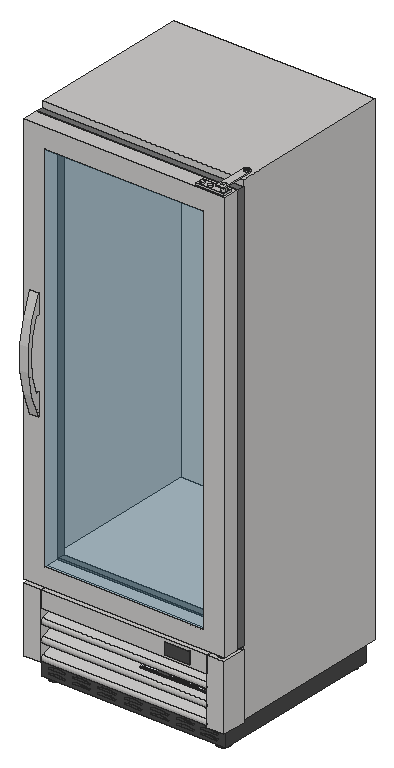
Revit family "QF_TRUE_T-12FG-HC~FGD01_cat", category Specialty Equipment, Revit 2015
Parameters
  Weight in Pounds = 255
  Watts = if(Phase = 3, Volts * FL Amps * 1.73, Volts * FL Amps)  # 517.5 W
  Volts = 115 V
  URL Cutsheet = ""
  Specification by User = ""
  Specification by Manufacturer = ""
  Show Standard Legs [instance] = not(Show 2.5 Inches Caster)  # yes
  Show Logo [instance] = yes
  Show Clearance [instance] = yes
  Show 2.5 Inches Caster [instance] = no
  Serial Number = ""
  Seismic Rating = ""
  SMACNA No = ""
  Revision Code = ""
  Phase = 1
  Overall Height [instance] = Body Height + Base Height  # 63"
  Number of Poles = 1
  NAFEM Spec ID Number = ""
  Model = "T-12FG-HC~FGD01"
  Min Ckt Ampacity = 0 A
  Max Overcurrent Protection = 0 A
  Masterspec = ""
  Manufacturer = "TRUE"
  Length = 24 13/16"
  Item Number = ""
  Installed By = ""
  Identify Quantity as Lot = yes
  Height = 63"
  HP = ""
  Furnished By = ""
  Foodservice Equipment Identifier = yes
  FL Amps = 4.5 A
  Electrical Remarks = ""
  Electric Connection Type = ""
  Elec Conn RI Height = 0"
  Elec Conn Connection Height = 0"
  Description = "REACH-IN GLASS SWING DOOR -10ºF FREEZER WITH HYDROCARBON REFRIGERANT~FRAMED GLASS DOOR VERSION 01"
  Depth = 24 13/16"
  Cycle = 60 Hz
  Conn Plug = "NEMA 5-15P"
  Conn Conduit = yes
  CSI MasterFormat = ""
  Body Height = 62 11/16"
  Base Height [instance] = if(Show 2.5 Inches Caster, 2 1/2", 5/16")  # 5/16"
  Apparent Power = if(Phase = 3, Volts * FL Amps * 1.73, Volts * FL Amps)  # 517.5 VA
Reference planes (in)
  plane 1 "BACK": y = 0
  plane 2: z = 0
  plane 3 "LEFT": x = 0
  plane 4 "RIGHT": x = 24.8125
  plane 5 "FRONT": y = -24.8125
  plane 6 "TOP": z = 0.3125
  plane 7 "Center Y": x = 12.40625
  plane 8 "Center X": y = -12.40625
  plane 9: z = 63
Dimensions and locks (in)
  equal spacing: plane 3 "LEFT", plane 7 "Center Y", plane 4 "RIGHT"
  "Length": plane 3 "LEFT" to plane 4 "RIGHT"
  equal spacing: plane 5 "FRONT", plane 8 "Center X", plane 1 "BACK"
  "Depth": plane 5 "FRONT" to plane 1 "BACK"
  "Base Height": plane 6 "TOP" to level
  "Body Height": plane 9 to plane 6 "TOP"
  "Overall Height": plane 9 to plane 2
  aligned and locked: plane 2 to level
  aligned and locked: nested 1 to plane 6 "TOP"
Nested families (in)
  nested 1: "T-12FG-HC-FGD01" at (0, 0, 0), Show Logo <- "Show Logo", Show Standard Legs <- "Show Standard Legs", Show Clearance <- "Show Clearance", type "T-12FG-HC-FGD01"
    with Show Standard Legs yes, Show Logo yes, Show Clearance yes
  nested 2: "2.5 INCHES_CASTER" at (2.0625, -21.07054, 0), 2.5 Inches Caster <- "Show 2.5 Inches Caster", type "2.5 INCHES_CASTER"
    with Type Mark "", Specification by User "", Revision Code "", Item Number "", Installed By "", Identify Quantity as Lot yes, Furnished By "", Foodservice Equipment Identifier yes, 2.5 Inches Caster no
  nested 3: "2.5 INCHES_CASTER" at (2.0625, -1.57567, 0), 2.5 Inches Caster <- "Show 2.5 Inches Caster", type "2.5 INCHES_CASTER"
    with Type Mark "", Specification by User "", Revision Code "", Item Number "", Installed By "", Identify Quantity as Lot yes, Furnished By "", Foodservice Equipment Identifier yes, 2.5 Inches Caster no
  nested 4: "2.5 INCHES_CASTER" at (22.75, -21.07054, 0), 2.5 Inches Caster <- "Show 2.5 Inches Caster", type "2.5 INCHES_CASTER"
    with Type Mark "", Specification by User "", Revision Code "", Item Number "", Installed By "", Identify Quantity as Lot yes, Furnished By "", Foodservice Equipment Identifier yes, 2.5 Inches Caster no
  nested 5: "2.5 INCHES_CASTER" at (22.75, -1.57567, 0), 2.5 Inches Caster <- "Show 2.5 Inches Caster", type "2.5 INCHES_CASTER"
    with Type Mark "", Specification by User "", Revision Code "", Item Number "", Installed By "", Identify Quantity as Lot yes, Furnished By "", Foodservice Equipment Identifier yes, 2.5 Inches Caster no
Connectors (in)
  electrical at (12.40625, 0.25, 5.87463), driven by "Volts", driven by "Watts"
    settings: on nested 1, index 1, voltage 115 V, apparent load 517.5 VA, apparent load phase1 0 VA, apparent load phase2 0 VA, apparent load phase3 0 VA, power factor 1, load classification "Other", number of poles 1, system type 30, power factor state 1, is connector primary yes, connector utility no, sub classification motor no, connector description "ELECTRICAL CONNECTION"
Definition of nested family "T-12FG-HC-FGD01"
  Parameters (values of type "T-12FG-HC-FGD01")
    Weight in Pounds = 0
    Watts = if(Phase = 3, Volts * FL Amps * 1.73, Volts * FL Amps)  # 0 W
    Volts = 0 V
    URL Cutsheet = ""
    Specification by User = ""
    Specification by Manufacturer = ""
    Show Standard Legs [instance] = yes
    Show Logo [instance] = yes
    Show Clearance [instance] = yes
    Serial Number = ""
    Seismic Rating = ""
    SMACNA No = ""
    Revision Code = ""
    Phase = 0
    Number of Poles = 1
    NAFEM Spec ID Number = ""
    Model = "T-12FG-HC~FGD01"
    Min Ckt Ampacity = 0 A
    Max Overcurrent Protection = 0 A
    Masterspec = ""
    Manufacturer = "TRUE"
    Length = 24 13/16"
    Item Number = ""
    Installed By = ""
    Identify Quantity as Lot = yes
    Height = 63"
    HP = ""
    Furnished By = ""
    Foodservice Equipment Identifier = yes
    FL Amps = 0 A
    Electrical Remarks = ""
    Electric Connection Type = ""
    Elec Conn RI Height = 0"
    Elec Conn Connection Height = 0"
    Description = ""
    Depth = 24 13/16"
    Cycle = 0 Hz
    Conn Plug = ""
    Conn Conduit = yes
    CSI MasterFormat = ""
    Apparent Power = if(Phase = 3, Volts * FL Amps * 1.73, Volts * FL Amps)  # 0 VA
  Reference planes (in)
    plane 1 "BACK": y = 0
    plane 2: z = 0
    plane 3 "LEFT": x = 0
    plane 4 "RIGHT": x = 24.8125
    plane 5 "FRONT": y = -24.8125
    plane 6 "TOP": z = 63
    plane 7 "Center Y": x = 12.40625
    plane 8 "Center X": y = -12.40625
    plane 9: y = -46.5
    plane 10: y = -23.18605
  Forms (in)
    Extrusion 1, solid
      sketch origin (0, 0, 0) x (0, 1, 0) y (0, 0, 1)
        loop
          line (-20.26964, 10.8884) -> (-23.23839, 10.8884) -> (-23.23839, 2.85715) -> (-20.26964, 2.85715) -> (-20.26964, 10.8884)
      from 0 to 2.10981
    Extrusion 2, solid
      sketch origin (0, 0, 0) x (0, 1, 0) y (0, 0, 1)
        loop
          line (-20.26964, 3.13552) -> (-20.26964, 2.85715) -> (-21.79159, 2.85715) -> (-21.79159, 0.3125) -> (-0.17942, 0.3125) -> (-0.17942, 3.13552) -> (-20.26964, 3.13552)
      from 1.05258 to 23.84813
    Extrusion 3, solid
      sketch origin (24.8125, 0, 0) x (0, -1, 0) y (0, 0, 1)
        loop
          line (20.26964, 10.8884) -> (20.26964, 2.85715) -> (23.23839, 2.85715) -> (23.23839, 10.8884) -> (20.26964, 10.8884)
      from 0 to 2.10981
    Extrusion 4, solid
      sketch origin (0, -20.26964, 62.52943) x (0, 0, 1) y (-1, 0, 0)
        loop
          line (-0.30277, 0) -> (-51.21746, 0) -> (-51.21746, -24.8125) -> (-0.30277, -24.8125) -> (-0.30277, 0)
        loop
          line (-2.62699, -2.57422) -> (-49.01824, -2.57422) -> (-49.01824, -22.23828) -> (-2.62699, -22.23828) -> (-2.62699, -2.57422)
      from 0.88884 to 2.91641
    Extrusion 5, solid
      sketch origin (0, 0, 0) x (0, 1, 0) y (0, 0, 1)
        loop
          arc (-23.18605, 43.65244) -> (-24.81271, 36.77744) -> (-23.18605, 29.90244) r 15.34178
          line (-23.18605, 29.90244) -> (-23.18605, 32.65843) -> (-23.68456, 32.65843)
          arc (-23.68456, 32.65843) -> (-24.36509, 36.90843) -> (-23.68456, 41.15843) r 13.61111
          line (-23.68456, 41.15843) -> (-23.18605, 41.15843) -> (-23.18605, 43.65244)
      from 0.77133 to 1.84742
    Extrusion 6, solid
      sketch origin (0, 0, 0) x (0, 1, 0) y (0, 0, 1)
        loop
          line (-23.23839, 10.8884) -> (-23.23839, 8.84828) -> (-20.26964, 8.84828) -> (-20.26964, 10.8884) -> (-23.23839, 10.8884)
        loop
          line (-22.72957, 2.88059) -> (-20.26964, 3.82487) -> (-20.26964, 4.62823) -> (-22.99835, 3.58078)
          arc (-22.99835, 3.58078) -> (-23.21405, 3.0963) -> (-22.72957, 2.88059) r 0.375
        loop
          line (-22.72957, 6.98997) -> (-20.26964, 7.93424) -> (-20.26964, 8.7376) -> (-22.99835, 7.69015)
          arc (-22.99835, 7.69015) -> (-23.21405, 7.20567) -> (-22.72957, 6.98997) r 0.375
        loop
          line (-22.72957, 4.93035) -> (-20.26964, 5.87463) -> (-20.26964, 6.67799) -> (-22.99835, 5.63053)
          arc (-22.99835, 5.63053) -> (-23.21405, 5.14605) -> (-22.72957, 4.93035) r 0.375
      from 2.10981 to 22.70269
    Extrusion 7, solid
      sketch origin (0, -20.26964, 62.52943) x (0, 0, 1) y (-1, 0, 0)
        loop
          line (0.47057, 0) -> (-59.39391, 0) -> (-59.39391, -24.8125) -> (0.47057, -24.8125) -> (0.47057, -23.0625) -> (-49.01824, -23.0625) -> (-49.01824, -1.75) -> (0.47057, -1.75) -> (0.47057, 0)
      from 0 to -20.26964
    Extrusion 8, solid
      sketch origin (0, -23.18605, 62.52943) x (0, 0, 1) y (-1, 0, 0)
        loop
          line (-2.62699, -2.57422) -> (-49.01824, -2.57422) -> (-49.01824, -22.23828) -> (-2.62699, -22.23828) -> (-2.62699, -2.57422)
      from 0 to -0.25
    Extrusion 9, solid
      sketch origin (42.06194, -21.10796, 63) x (1, 0, 0) y (0, 1, 0)
        loop
          line (-17.4786, -1.86019) -> (-17.54903, 2.17478)
          arc (-17.54903, 2.17478) -> (-17.9786, 2.59692) -> (-18.40817, 2.17478) r 0.42963
          line (-18.40817, 2.17478) -> (-18.4786, -1.86019) -> (-17.4786, -1.86019)
        loop
          circle (-17.93354, -1.32896) r 0.25
        loop
          circle (-17.9786, 2.16728) r 0.25
      from 0 to 0.1875
    Extrusion 10, solid
      sketch origin (0, -20.26964, 62.22666) x (1, 0, 0) y (0, 1, 0)
        loop
          line (24.5625, -1.62139) -> (21.0974, -1.62139) -> (21.0974, -2.6725) -> (24.5625, -2.6725) -> (24.5625, -1.62139)
        loop
          circle (24.12704, -2.16728) r 0.25
        loop
          circle (22.47678, -2.15567) r 0.25
        loop
          circle (21.47678, -2.15567) r 0.25
      from 0 to 0.22057
    Extrusion 11, solid
      sketch origin (0, -20.26964, 62.22666) x (1, 0, 0) y (0, 1, 0)
        loop
          circle (22.47678, -2.15567) r 0.25
        loop
          circle (21.47678, -2.15567) r 0.25
      from 0 to 0.31015
    Extrusion 12, solid
      sketch origin (0, -20.26964, 62.22666) x (1, 0, 0) y (0, 1, 0)
        loop
          circle (24.12704, -2.16728) r 0.25
      from 0 to 0.85926
    Extrusion 13, solid
      sketch origin (43.47656, -20.26964, 63) x (1, 0, 0) y (0, 1, 0)
        loop
          circle (-19.39323, 1.32896) r 0.25
      from 0 to 0.1875
    Extrusion 14, solid
      sketch origin (24.8125, -20.49936, 11.31197) x (0, 1, 0) y (1, 0, 0)
        loop
          line (0.22972, -1.157) -> (0.22972, -0.21392) -> (-2.17478, -0.25589)
          arc (-2.17478, -0.25589) -> (-2.59692, -0.68546) -> (-2.17478, -1.11503) r 0.42963
          line (-2.17478, -1.11503) -> (0.22972, -1.157)
        loop
          circle (-2.16728, -0.68546) r 0.25
      from 0 to 0.22057
    Extrusion 15, solid
      sketch origin (24.8125, -20.26964, 11.31197) x (0, 1, 0) y (1, 0, 0)
        loop
          circle (-2.397, -0.68546) r 0.25
      from 0 to 0.31257
    Revolve 16, solid, visible <- "Show Standard Legs"
      sketch origin (2.0625, 0, 0) x (0, 1, 0) y (0, 0, 1)
        loop
          line (-20.70056, 0.3125) -> (-21.53353, 0.3125) -> (-21.53353, 0) -> (-20.70056, 0) -> (-20.70056, 0.3125)
        axis (-20.70056, 0) -> (-20.70056, 0.3125)
      angle from 0 to 360
    Revolve 17, solid, visible <- "Show Standard Legs"
      sketch origin (22.75, 0, 0) x (0, 1, 0) y (0, 0, -1)
        loop
          line (-20.70056, -0.3125) -> (-20.70056, 0) -> (-21.53353, 0) -> (-21.53353, -0.3125) -> (-20.70056, -0.3125)
        axis (-20.70056, 0) -> (-20.70056, -0.3125)
      angle from 0 to 360
    Revolve 18, solid, visible <- "Show Standard Legs"
      sketch origin (2.0625, -21.90625, 0) x (0, -1, 0) y (0, 0, -1)
        loop
          line (-20.70056, -0.3125) -> (-20.70056, 0) -> (-21.53353, 0) -> (-21.53353, -0.3125) -> (-20.70056, -0.3125)
        axis (-20.70056, 0) -> (-20.70056, -0.3125)
      angle from 0 to 360
    Revolve 19, solid, visible <- "Show Standard Legs"
      sketch origin (22.75, -21.90625, 0) x (0, -1, 0) y (0, 0, 1)
        loop
          line (-20.70056, 0.3125) -> (-21.53353, 0.3125) -> (-21.53353, 0) -> (-20.70056, 0) -> (-20.70056, 0.3125)
        axis (-20.70056, 0) -> (-20.70056, 0.3125)
      angle from 0 to 360
    Extrusion 20, solid
      sketch origin (0, 0, 0) x (0, 1, 0) y (0, 0, 1)
        loop
          line (-1.10167, 13.51119) -> (0, 13.51119) -> (0, 59.90244) -> (-1.10167, 59.90244) -> (-1.10167, 13.51119)
      from 1.75 to 23.0625
    Extrusion 21, solid, visible <- "Show Clearance", detail levels coarse
      sketch origin (0, 0, 0) x (1, 0, 0) y (0, 1, 0)
        loop
          arc (0, -23.18605) -> (7.61344, -39.9439) -> (24.8125, -46.5) r 24.20178
          line (24.8125, -46.5) -> (24.8125, -23.18605) -> (0, -23.18605)
      from 11.31197 to 62.22666
    Extrusion 22, solid
      sketch origin (0, -21.79159, 0.63552) x (0, 0, 1) y (-1, 0, 0)
        loop
          line (1.47817, -20.83169) -> (1.47817, -22.83169) -> (1.58012, -22.83169)
          arc (1.58012, -22.83169) -> (1.7618, -21.83169) -> (1.58012, -20.83169) r 2.84292
          line (1.58012, -20.83169) -> (1.47817, -20.83169)
        loop
          line (0.85317, -20.83169) -> (0.85317, -22.83169) -> (0.95512, -22.83169)
          arc (0.95512, -22.83169) -> (1.1368, -21.83169) -> (0.95512, -20.83169) r 2.84292
          line (0.95512, -20.83169) -> (0.85317, -20.83169)
        loop
          line (0.22817, -20.83169) -> (0.22817, -22.83169) -> (0.33012, -22.83169)
          arc (0.33012, -22.83169) -> (0.5118, -21.83169) -> (0.33012, -20.83169) r 2.84292
          line (0.33012, -20.83169) -> (0.22817, -20.83169)
        loop
          line (1.47817, -11.40625) -> (1.47817, -13.40625) -> (1.58012, -13.40625)
          arc (1.58012, -13.40625) -> (1.7618, -12.40625) -> (1.58012, -11.40625) r 2.84292
          line (1.58012, -11.40625) -> (1.47817, -11.40625)
        loop
          line (0.85317, -11.40625) -> (0.85317, -13.40625) -> (0.95512, -13.40625)
          arc (0.95512, -13.40625) -> (1.1368, -12.40625) -> (0.95512, -11.40625) r 2.84292
          line (0.95512, -11.40625) -> (0.85317, -11.40625)
        loop
          line (0.22817, -11.40625) -> (0.22817, -13.40625) -> (0.33012, -13.40625)
          arc (0.33012, -13.40625) -> (0.5118, -12.40625) -> (0.33012, -11.40625) r 2.84292
          line (0.33012, -11.40625) -> (0.22817, -11.40625)
        loop
          line (1.47817, -14.59375) -> (1.47817, -16.78125) -> (1.52974, -16.78125)
          arc (1.52974, -16.78125) -> (1.7616, -15.69011) -> (1.55579, -14.59375) r 2.84292
          line (1.55579, -14.59375) -> (1.47817, -14.59375)
        loop
          line (0.85317, -14.59375) -> (0.85317, -16.78125) -> (0.90474, -16.78125)
          arc (0.90474, -16.78125) -> (1.1366, -15.69011) -> (0.93079, -14.59375) r 2.84292
          line (0.93079, -14.59375) -> (0.85317, -14.59375)
        loop
          line (0.22817, -14.59375) -> (0.22817, -16.78125) -> (0.27974, -16.78125)
          arc (0.27974, -16.78125) -> (0.5116, -15.69011) -> (0.30579, -14.59375) r 2.84292
          line (0.30579, -14.59375) -> (0.22817, -14.59375)
        loop
          line (1.47817, -17.78125) -> (1.47817, -19.84375) -> (1.58012, -19.84375)
          arc (1.58012, -19.84375) -> (1.76161, -18.81022) -> (1.55579, -17.78125) r 2.84292
          line (1.55579, -17.78125) -> (1.47817, -17.78125)
        loop
          line (0.85317, -17.78125) -> (0.85317, -19.84375) -> (0.95512, -19.84375)
          arc (0.95512, -19.84375) -> (1.13661, -18.81022) -> (0.93079, -17.78125) r 2.84292
          line (0.93079, -17.78125) -> (0.85317, -17.78125)
        loop
          line (0.22817, -17.78125) -> (0.22817, -19.84375) -> (0.33012, -19.84375)
          arc (0.33012, -19.84375) -> (0.51161, -18.81022) -> (0.30579, -17.78125) r 2.84292
          line (0.30579, -17.78125) -> (0.22817, -17.78125)
        loop
          line (1.47817, -3.98081) -> (1.58012, -3.98081)
          arc (1.58012, -3.98081) -> (1.7618, -2.98081) -> (1.58012, -1.98081) r 2.84292
          line (1.58012, -1.98081) -> (1.47817, -1.98081) -> (1.47817, -3.98081)
        loop
          line (0.85317, -3.98081) -> (0.95512, -3.98081)
          arc (0.95512, -3.98081) -> (1.1368, -2.98081) -> (0.95512, -1.98081) r 2.84292
          line (0.95512, -1.98081) -> (0.85317, -1.98081) -> (0.85317, -3.98081)
        loop
          line (0.22817, -3.98081) -> (0.33012, -3.98081)
          arc (0.33012, -3.98081) -> (0.5118, -2.98081) -> (0.33012, -1.98081) r 2.84292
          line (0.33012, -1.98081) -> (0.22817, -1.98081) -> (0.22817, -3.98081)
        loop
          line (1.47817, -10.21875) -> (1.55579, -10.21875)
          arc (1.55579, -10.21875) -> (1.7616, -9.12239) -> (1.52974, -8.03125) r 2.84292
          line (1.52974, -8.03125) -> (1.47817, -8.03125) -> (1.47817, -10.21875)
        loop
          line (0.85317, -10.21875) -> (0.93079, -10.21875)
          arc (0.93079, -10.21875) -> (1.1366, -9.12239) -> (0.90474, -8.03125) r 2.84292
          line (0.90474, -8.03125) -> (0.85317, -8.03125) -> (0.85317, -10.21875)
        loop
          line (0.22817, -10.21875) -> (0.30579, -10.21875)
          arc (0.30579, -10.21875) -> (0.5116, -9.12239) -> (0.27974, -8.03125) r 2.84292
          line (0.27974, -8.03125) -> (0.22817, -8.03125) -> (0.22817, -10.21875)
        loop
          line (1.47817, -7.03125) -> (1.55579, -7.03125)
          arc (1.55579, -7.03125) -> (1.76161, -6.00228) -> (1.58012, -4.96875) r 2.84292
          line (1.58012, -4.96875) -> (1.47817, -4.96875) -> (1.47817, -7.03125)
        loop
          line (0.85317, -7.03125) -> (0.93079, -7.03125)
          arc (0.93079, -7.03125) -> (1.13661, -6.00228) -> (0.95512, -4.96875) r 2.84292
          line (0.95512, -4.96875) -> (0.85317, -4.96875) -> (0.85317, -7.03125)
        loop
          line (0.22817, -7.03125) -> (0.30579, -7.03125)
          arc (0.30579, -7.03125) -> (0.51161, -6.00228) -> (0.33012, -4.96875) r 2.84292
          line (0.33012, -4.96875) -> (0.22817, -4.96875) -> (0.22817, -7.03125)
      from 0 to 0.0625
    Extrusion 23, solid
      sketch origin (0, 0, 62.52943) x (0, 0, -1) y (-1, 0, 0)
        loop
          circle (56.6548, -12.40625) r 0.25
      from 0 to 0.25
    Extrusion 24, solid
      sketch origin (0, 0, 0) x (0, 1, 0) y (0, 0, 1)
        loop
          line (0, 59.90244) -> (0, 63) -> (-20.26964, 63) -> (-20.26964, 59.90244) -> (0, 59.90244)
      from 1.75 to 23.0625
    Extrusion 25, solid
      sketch origin (0, -23.23839, 10.6384) x (0, 0, 1) y (-1, 0, 0)
        loop
          line (-0.08723, -17.45418) -> (-1.58723, -17.45418) -> (-1.58723, -20.57621) -> (-0.08723, -20.57621) -> (-0.08723, -17.45418)
      from 0 to 0.0625
    Extrusion 26, solid
      sketch origin (0, -20.26964, 62.52943) x (0, 0, 1) y (-1, 0, 0)
        loop
          line (-0.30277, -24.8125) -> (-0.30277, 0) -> (-51.15496, 0) -> (-51.15496, -24.8125) -> (-0.30277, -24.8125)
        loop
          line (-2.62699, -2.57422) -> (-48.90496, -2.57422) -> (-48.90496, -22.23828) -> (-2.62699, -22.23828) -> (-2.62699, -2.57422)
      from 0 to 0.88884
  Cuts and joins
    joined: Extrusion 7, Extrusion 20, Extrusion 24
  Lines and regions (in)
    symbolic lines
      curve 1: line (0, 0, 0) -> (24.8125, 0, 0)
      curve 2: line (0, -23.18605, 0) -> (0, 0, 0)
      curve 3: line (24.8125, 0, 0) -> (24.8125, -23.18605, 0)
      curve 4: line (23.65377, -18.93318, 0) -> (23.58333, -22.96816, 0)
      curve 5: line (23.58333, -22.96816, 0) -> (24.58333, -22.96816, 0)
      curve 6: line (24.58333, -22.96816, 0) -> (24.5129, -18.93318, 0)
      curve 7: arc (24.5129, -18.93318, 0) -> (24.08333, -18.51104, 0) -> (23.65377, -18.93318, 0) r 0.42963
      curve 8: circle (24.08333, -18.94068, 0) r 0.25 normal (0, 0, 1)
      curve 9: circle (24.12704, -22.43692, 0) r 0.25 normal (0, 0, 1)
      curve 10: circle (22.47678, -22.42531, 0) r 0.25 normal (0, 0, 1)
      curve 11: circle (21.47678, -22.42531, 0) r 0.25 normal (0, 0, 1)
      curve 12: line (21.0974, -21.89103, 0) -> (23.60214, -21.89103, 0)
      curve 13: line (21.0974, -21.89103, 0) -> (21.0974, -22.94214, 0)
      curve 14: line (21.0974, -22.94214, 0) -> (23.58379, -22.94214, 0)
      curve 15: line (23.61492, -21.15848, 0) -> (0, -21.15848, 0)
      curve 16: line (0, -20.26964, 0) -> (23.63044, -20.26964, 0)
      curve 17: line (24.8125, -20.26964, 0) -> (24.53623, -20.26964, 0)
      curve 18: line (24.8125, -21.15848, 0) -> (24.55175, -21.15848, 0)
      curve 19: arc (0, -23.18605, 0) -> (1.08072, -29.50927, 0) -> (3.78473, -35.32644, 0) r 24.20178
      curve 20: line (0, -23.18605, 0) -> (24.8125, -23.18605, 0)
      curve 21: line (1.84742, -24.81271, 0) -> (1.84742, -23.18605, 0)
      curve 22: line (0.77133, -24.81271, 0) -> (0.77133, -23.18605, 0)
      curve 23: line (0.77133, -24.81271, 0) -> (1.84742, -24.81271, 0)
      curve 24: line (3.78473, -35.32644, 0) -> (24.8125, -23.18605, 0)
  Dimensions and locks (in)
    equal spacing: plane 3 "LEFT", plane 7 "Center Y", plane 4 "RIGHT"
    "Length": plane 3 "LEFT" to plane 4 "RIGHT"
    equal spacing: plane 5 "FRONT", plane 8 "Center X", plane 1 "BACK"
    "Depth": plane 5 "FRONT" to plane 1 "BACK"
    "Height": plane 6 "TOP" to level
    plane 9 to plane 1 "BACK" = 46 1/2"
    plane 10 to plane 1 "BACK" = 23.18605"
    Extrusion 9 to plane 6 "TOP" = 3/16"
    Extrusion 2 to plane 2 = 5/16"
    angle Extrusion 3 to Extrusion 6 = 21.00°
    aligned and locked: plane 2 to level
  Automatic sketch dimensions
    plane 10 to Extrusion 1 sketch curve = 0.05234"
    Extrusion 1 sketch curve to plane 10 = 2.91641"
    level to Extrusion 1 sketch curve = 2.85715"
    Extrusion 1 sketch curve to Extrusion 1 sketch curve = 8 1/32"
    level to Extrusion 2 sketch curve = 5/16"
    Extrusion 2 sketch curve to plane 10 = 1.39446"
    Extrusion 2 sketch curve to Extrusion 2 sketch curve = 1.52194"
    plane 1 "BACK" to Extrusion 2 sketch curve = 0.17942"
    level to Extrusion 2 sketch curve = 2.85715"
    Extrusion 2 sketch curve to Extrusion 2 sketch curve = 0.27837"
    Extrusion 3 sketch curve to plane 10 = 2.91641"
    plane 10 to Extrusion 3 sketch curve = 0.05234"
    level to Extrusion 3 sketch curve = 2.85715"
    Extrusion 3 sketch curve to Extrusion 3 sketch curve = 8 1/32"
    plane 4 "RIGHT" to Extrusion 4 sketch curve = 0"
    Extrusion 4 sketch curve to plane 3 "LEFT" = 0"
    level to Extrusion 4 sketch curve = 11.31197"
    Extrusion 4 sketch curve to Extrusion 4 sketch curve = 2 51/256"
    Extrusion 4 sketch curve to plane 6 "TOP" = 3.09756"
    Extrusion 4 sketch curve to plane 6 "TOP" = 0.77334"
    plane 4 "RIGHT" to Extrusion 4 sketch curve = 2 147/256"
    plane 3 "LEFT" to Extrusion 4 sketch curve = 2 147/256"
    Extrusion 5 sketch curve to plane 10 = 0"  (x2)
    plane 10 to Extrusion 5 sketch curve = 0.49851"  (x2)
    plane 8 "Center X" to Extrusion 5 sketch curve = 1.65227"
    Extrusion 5 sketch curve to Extrusion 5 sketch curve = 1.28306"
    level to Extrusion 5 sketch curve = 29.90244"
    Extrusion 5 sketch curve to Extrusion 5 sketch curve = 2.75599"
    Extrusion 5 sketch curve to Extrusion 5 sketch curve = 4.11901"
    Extrusion 5 sketch curve to Extrusion 5 sketch curve = 0.13099"
    plane 10 to Extrusion 6 sketch curve = 0.05234"
    Extrusion 6 sketch curve to plane 10 = 0.1877"  (x3)
    Extrusion 6 sketch curve to plane 10 = 0.32209"  (x3)
    Extrusion 6 sketch curve to Extrusion 6 sketch curve = 0.13439"  (x3)
    Extrusion 6 sketch curve to plane 10 = 2.91641"
    Extrusion 6 sketch curve to Extrusion 6 sketch curve = 0"  (x2)
    Extrusion 6 sketch curve to Extrusion 6 sketch curve = 2.45993"
    level to Extrusion 6 sketch curve = 2.88059"
    Extrusion 6 sketch curve to Extrusion 6 sketch curve = 0.35009"  (x3)
    Extrusion 6 sketch curve to Extrusion 6 sketch curve = 0.94428"
    Extrusion 6 sketch curve to Extrusion 6 sketch curve = 0.80336"  (x3)
    Extrusion 6 sketch curve to Extrusion 6 sketch curve = 1.34957"
    Extrusion 6 sketch curve to Extrusion 6 sketch curve = 1.2464"
    Extrusion 6 sketch curve to Extrusion 6 sketch curve = 1.35943"
    Extrusion 6 sketch curve to Extrusion 6 sketch curve = 1.25626"
    Extrusion 6 sketch curve to Extrusion 6 sketch curve = 0.11068"
    Extrusion 6 sketch curve to Extrusion 6 sketch curve = 2.04012"
    Extrusion 7 sketch curve to plane 3 "LEFT" = 0"
    plane 4 "RIGHT" to Extrusion 7 sketch curve = 0"
    level to Extrusion 7 sketch curve = 3.13552"
    plane 4 "RIGHT" to Extrusion 7 sketch curve = 1 3/4"
    Extrusion 7 sketch curve to Extrusion 7 sketch curve = 10.37567"
    Extrusion 7 sketch curve to plane 6 "TOP" = 0"  (x2)
    plane 3 "LEFT" to Extrusion 7 sketch curve = 1 3/4"
    Extrusion 8 sketch curve to Extrusion 4 = 0"  (x4)
    Extrusion 9 sketch curve to Extrusion 9 sketch curve = 0"  (x2)
    Extrusion 9 sketch curve to Extrusion 7 = 0.52083"
    Extrusion 9 sketch curve to Extrusion 7 = 0.59127"
    Extrusion 9 sketch curve to Extrusion 9 sketch curve = 0.42957"
    Extrusion 7 to Extrusion 9 sketch curve = 0.6841"
    Extrusion 7 to Extrusion 9 sketch curve = 0.2996"
    Extrusion 7 to Extrusion 9 sketch curve = 0.22917"
    Extrusion 9 sketch curve to Extrusion 7 = 2.69851"
    Extrusion 9 sketch curve to Extrusion 9 sketch curve = 17/32"
    Extrusion 7 to Extrusion 9 sketch curve = 1.32896"
    Extrusion 9 sketch curve to Extrusion 9 sketch curve = 0.0075"
    Extrusion 4 to Extrusion 10 sketch curve = 0.24391"
    Extrusion 10 sketch curve to Extrusion 4 = 3.7151"
    Extrusion 10 sketch curve to Extrusion 10 sketch curve = 0.37938"
    Extrusion 10 sketch curve to Extrusion 10 sketch curve = 1"
    Extrusion 10 sketch curve to Extrusion 4 = 0.68546"
    Extrusion 10 sketch curve to Extrusion 4 = 1/4"
    Extrusion 10 sketch curve to Extrusion 10 sketch curve = 0.50522"
    Extrusion 4 to Extrusion 10 sketch curve = 0.76074"
    Extrusion 10 sketch curve to Extrusion 10 sketch curve = 0.51683"
    Extrusion 10 sketch curve to Extrusion 10 sketch curve = 0.53428"
    Extrusion 4 to Extrusion 11 sketch curve = 0.76074"  (x2)
    Extrusion 11 sketch curve to Extrusion 4 = 3.33572"
    Extrusion 11 sketch curve to Extrusion 11 sketch curve = 1"
    Extrusion 12 sketch curve to Extrusion 12 sketch curve = 0"  (x2)
    Extrusion 12 sketch curve to Extrusion 4 = 0.68546"
    Extrusion 4 to Extrusion 12 sketch curve = 0.74912"
    Extrusion 12 sketch curve to Extrusion 12 sketch curve = 1/4"
    Extrusion 7 to Extrusion 13 sketch curve = 0.72917"
    Extrusion 7 to Extrusion 13 sketch curve = 1.32896"
    Extrusion 14 sketch curve to Extrusion 14 sketch curve = 0"  (x2)
    Extrusion 14 sketch curve to Extrusion 4 = 0.51191"  (x2)
    Extrusion 4 to Extrusion 14 sketch curve = 0.25589"
    Extrusion 14 sketch curve to Extrusion 14 sketch curve = 0.0075"
    Extrusion 4 to Extrusion 14 sketch curve = 0.88884"
    Extrusion 4 to Extrusion 14 sketch curve = 0.21392"
    Extrusion 14 sketch curve to Extrusion 14 sketch curve = 0.42957"
    Extrusion 14 sketch curve to Extrusion 14 sketch curve = 0.94308"
    Extrusion 15 sketch curve to Extrusion 4 = 0.5194"
    Extrusion 4 to Extrusion 15 sketch curve = 0.68546"
    Revolve 16 sketch curve to level = 0"
    level to Revolve 16 sketch curve = 5/16"
    Revolve 16 sketch curve to plane 10 = 1.65252"
    Revolve 16 sketch curve to Revolve 16 sketch curve = 0.83297"
    Revolve 16 sketch curve to Revolve 16 sketch curve = 0"
    Revolve 16 sketch curve to Revolve 16 sketch curve = 0.32302"
    Revolve 16 sketch curve to Revolve 16 sketch curve = 1/2"
    Revolve 17 sketch curve to level = 0"
    level to Revolve 17 sketch curve = 5/16"
    Revolve 17 sketch curve to plane 10 = 1.65252"
    Revolve 17 sketch curve to Revolve 17 sketch curve = 0.83297"
    Revolve 17 sketch curve to Revolve 17 sketch curve = 0"
    Revolve 17 sketch curve to Revolve 17 sketch curve = 0.32302"
    Revolve 17 sketch curve to Revolve 17 sketch curve = 1/2"
    Revolve 18 sketch curve to level = 0"
    plane 1 "BACK" to Revolve 18 sketch curve = 0.37272"
    level to Revolve 18 sketch curve = 5/16"
    Revolve 18 sketch curve to Revolve 18 sketch curve = 0.83297"
    Revolve 18 sketch curve to Revolve 18 sketch curve = 0"
    Revolve 18 sketch curve to Revolve 18 sketch curve = 0.32302"
    Revolve 18 sketch curve to Revolve 18 sketch curve = 1/2"
    Revolve 19 sketch curve to level = 0"
    plane 1 "BACK" to Revolve 19 sketch curve = 0.37272"
    level to Revolve 19 sketch curve = 5/16"
    Revolve 19 sketch curve to Revolve 19 sketch curve = 0.83297"
    Revolve 19 sketch curve to Revolve 19 sketch curve = 0"
    Revolve 19 sketch curve to Revolve 19 sketch curve = 0.32302"
    Revolve 19 sketch curve to Revolve 19 sketch curve = 1/2"
    Extrusion 20 sketch curve to Extrusion 20 sketch curve = 1.10167"
    level to Extrusion 20 sketch curve = 13.51119"
    Extrusion 21 sketch curve to plane 3 "LEFT" = 0"
    Extrusion 21 sketch curve to plane 4 "RIGHT" = 0"
    Extrusion 21 sketch curve to plane 9 = 0"
    plane 10 to Extrusion 21 sketch curve = 0"
    plane 4 "RIGHT" to Extrusion 21 sketch curve = 0.62671"
    Extrusion 2 to Extrusion 22 sketch curve = 2.00809"  (x7)
    Extrusion 22 sketch curve to Extrusion 22 sketch curve = 5/8"  (x14)
    Extrusion 22 sketch curve to Extrusion 2 = 0.55119"  (x7)
    Extrusion 22 sketch curve to Extrusion 22 sketch curve = 0.05157"  (x6)
    Extrusion 22 sketch curve to Extrusion 22 sketch curve = 0.07762"  (x12)
    Extrusion 22 sketch curve to Extrusion 22 sketch curve = 0.10195"  (x24)
    Extrusion 22 sketch curve to Extrusion 22 sketch curve = 0.54738"  (x6)
    Extrusion 22 sketch curve to Extrusion 22 sketch curve = 0.52305"  (x7)
    Extrusion 22 sketch curve to Extrusion 22 sketch curve = 0.57343"
    Extrusion 2 to Extrusion 22 sketch curve = 1.01645"
    Extrusion 22 sketch curve to Extrusion 22 sketch curve = 0"  (x26)
    Extrusion 22 sketch curve to Extrusion 22 sketch curve = 1"  (x8)
    Extrusion 22 sketch curve to Extrusion 22 sketch curve = 0.98794"  (x2)
    Extrusion 22 sketch curve to Extrusion 22 sketch curve = 1 1/8"
    Extrusion 22 sketch curve to Extrusion 22 sketch curve = 1 3/16"  (x2)
    Extrusion 22 sketch curve to Extrusion 22 sketch curve = 1 1/16"  (x2)
    Extrusion 23 sketch curve to Extrusion 7 = 2.73911"
    Extrusion 7 to Extrusion 23 sketch curve = 10 21/32"
    Extrusion 24 sketch curve to plane 1 "BACK" = 0"
    Extrusion 24 sketch curve to plane 6 "TOP" = 0"
    Extrusion 24 sketch curve to plane 10 = 2.91641"
    Extrusion 24 sketch curve to Extrusion 24 sketch curve = 3.09756"
    Extrusion 20 sketch curve to plane 6 "TOP" = 3.09756"
    Extrusion 20 sketch curve to plane 1 "BACK" = 0"
    Extrusion 25 sketch curve to Extrusion 6 = 0.20289"
    Extrusion 6 to Extrusion 25 sketch curve = 0.33723"
    Extrusion 6 to Extrusion 25 sketch curve = 2.12648"
    Extrusion 25 sketch curve to Extrusion 25 sketch curve = 3.12202"
    curve 7 to curve 8 = 0"  (x2)
    plane 1 "BACK" to curve 1 = 0"
    curve 1 to plane 3 "LEFT" = 0"
    plane 10 to curve 22 = 0"
    curve 20 to plane 4 "RIGHT" = 0"
    plane 5 "FRONT" to curve 23 = 0.00021"
    plane 3 "LEFT" to curve 23 = 0.77133"
    curve 22 to curve 23 = 1.07609"
    curve 14 to plane 10 = 0.24391"
    plane 4 "RIGHT" to curve 14 = 3.7151"
    curve 13 to curve 11 = 0.37938"
    curve 11 to curve 10 = 1"
    curve 4 to plane 10 = 0.21789"
    plane 4 "RIGHT" to curve 4 = 1.22917"
    plane 4 "RIGHT" to curve 4 = 1.15873"
    curve 7 to curve 8 = 0.42957"
    plane 4 "RIGHT" to curve 9 = 0.68546"
    curve 9 to curve 19 = 0.05875"
    plane 4 "RIGHT" to curve 6 = 0.2996"
    plane 4 "RIGHT" to curve 5 = 0.22917"
    curve 9 to curve 19 = 0.13059"
    curve 10 to plane 10 = 0.76074"
    curve 13 to curve 11 = 0.51683"
    curve 11 to curve 12 = 0.53428"
    curve 12 to curve 7 = 2.95035"
    curve 7 to curve 6 = 0.0075"
    plane 3 "LEFT" to curve 24 = 3.78473"
    curve 12 to curve 15 = 0.01279"
    curve 15 to curve 16 = 0.01551"
    plane 4 "RIGHT" to curve 17 = 0.27627"
    plane 4 "RIGHT" to curve 18 = 0.26075"
    plane 9 to curve 24 = 11.17356"
    Extrusion 7 to Extrusion 26 sketch curve = 0"  (x2)
    Extrusion 26 sketch curve to Extrusion 7 = 2 35/256"
    Extrusion 7 to Extrusion 26 sketch curve = 29/256"
    Extrusion 26 sketch curve to Extrusion 7 = 3.09756"
    Extrusion 26 sketch curve to Extrusion 7 = 0.77334"
    Extrusion 7 to Extrusion 26 sketch curve = 211/256"
    Extrusion 26 sketch curve to Extrusion 7 = 2 147/256"
    radius of Extrusion 9 sketch curve = 1/4"  (x2)
    radius of Extrusion 10 sketch curve = 1/4"  (x3)
    radius of Extrusion 11 sketch curve = 1/4"  (x2)
    radius of Extrusion 13 sketch curve = 1/4"
    radius of Extrusion 14 sketch curve = 1/4"
    radius of Extrusion 15 sketch curve = 1/4"
    radius of Extrusion 23 sketch curve = 1/4"
    radius of curve 8 = 1/4"
    radius of curve 9 = 1/4"
    radius of curve 10 = 1/4"
    radius of curve 11 = 1/4"
  Nested families (in)
    nested 1: "QF_LOGO_TRUE_SLANT" at (13.6875, -22.285, 5.90436), Show Logo <- "Show Logo", type "QF_LOGO_TRUE_SLANT", detail levels medium+fine
      with Show Logo yes
  Connectors (in)
    electrical at (12.40625, 0.25, 5.87463), driven by "Volts", driven by "Watts"
      settings: on Extrusion 23, index 1, voltage 0 V, apparent load 0 VA, apparent load phase1 0 VA, apparent load phase2 0 VA, apparent load phase3 0 VA, power factor 1, load classification none, number of poles 1, system type 30, power factor state 1, is connector primary yes, connector utility no, sub classification motor no, connector description "ELECTRICAL CONNECTION"
  Definition of nested family "QF_LOGO_TRUE_SLANT"
    Parameters (values of type "QF_LOGO_TRUE_SLANT")
      Show Logo [instance] = yes
    Reference planes (in)
      plane 1 "Center (Front/Back)": y = 0
      plane 2: z = 0
      plane 3 "Center (Left/Right)": x = 0
    Forms (in)
      Extrusion 1, solid, visible <- "Show Logo"
        sketch origin (-78.34647, -16.02343, -43.39351) x (1, 0, 0) y (0, 0.93358, 0.358368)
          loop
            line (81.15226, 31.65456) -> (81.07353, 31.48573) -> (82.12083, 31.48573)
            arc (82.12083, 31.48573) -> (82.14208, 31.44814) -> (82.12083, 31.41055) r 0.04386
            line (82.12083, 31.41055) -> (81.84767, 30.82478)
            arc (81.84767, 30.82478) -> (81.84531, 30.77052) -> (81.882, 30.73048) r 0.07096
            line (81.882, 30.73048) -> (82.55165, 30.73048)
            arc (82.55165, 30.73048) -> (82.63621, 30.75714) -> (82.69019, 30.82748) r 0.14742
            line (82.69019, 30.82748) -> (82.90515, 31.28847) -> (83.10265, 31.28847)
            arc (83.10265, 31.28847) -> (83.15447, 31.26942) -> (83.14697, 31.21472) r 0.04405
            line (83.14697, 31.21472) -> (82.9671, 30.82899)
            arc (82.9671, 30.82899) -> (82.9699, 30.76493) -> (83.02398, 30.73048) r 0.06943
            line (83.02398, 30.73048) -> (83.6124, 30.73048)
            arc (83.6124, 30.73048) -> (83.65748, 30.74689) -> (83.68147, 30.78844) r 0.07014
            arc (83.68147, 30.78844) -> (83.69845, 30.74745) -> (83.73943, 30.73048) r 0.05796
            line (83.73943, 30.73048) -> (84.112, 30.73048)
            arc (84.112, 30.73048) -> (84.15504, 30.74201) -> (84.18655, 30.77352) r 0.08608
            arc (84.18655, 30.77352) -> (84.20164, 30.7371) -> (84.23806, 30.72202) r 0.0515
            line (84.23806, 30.72202) -> (84.76757, 30.72202)
            arc (84.76757, 30.72202) -> (84.81086, 30.73995) -> (84.8288, 30.78324) r 0.06122
            arc (84.8288, 30.78324) -> (84.86848, 30.74355) -> (84.92269, 30.72903) r 0.10842
            line (84.92269, 30.72903) -> (85.91461, 30.72903) -> (86.02479, 30.91987) -> (85.0243, 30.91987)
            arc (85.0243, 30.91987) -> (84.99669, 30.93902) -> (84.99566, 30.97261) r 0.03732
            line (84.99566, 30.97261) -> (85.01297, 31.00972)
            arc (85.01297, 31.00972) -> (85.03954, 31.04453) -> (85.0813, 31.05774) r 0.07263
            line (85.0813, 31.05774) -> (85.40289, 31.05774)
            arc (85.40289, 31.05774) -> (85.4723, 31.07633) -> (85.52311, 31.12715) r 0.13882
            line (85.52311, 31.12715) -> (85.61625, 31.28847)
            arc (85.61625, 31.28847) -> (85.61625, 31.37458) -> (85.54168, 31.41763) r 0.08611
            line (85.54168, 31.41763) -> (85.20227, 31.41763)
            arc (85.20227, 31.41763) -> (85.11574, 31.40294) -> (85.05538, 31.33923) r 0.13863
            line (85.05538, 31.33923) -> (84.89409, 30.99333)
            arc (84.89409, 30.99333) -> (84.84649, 30.9313) -> (84.77191, 30.90778) r 0.13002
            line (84.77191, 30.90778) -> (84.41984, 30.90778)
            arc (84.41984, 30.90778) -> (84.3777, 30.95378) -> (84.38042, 31.0161) r 0.08151
            line (84.38042, 31.0161) -> (84.56766, 31.41763) -> (84.44849, 31.41763) -> (84.25012, 30.99222)
            arc (84.25012, 30.99222) -> (84.21158, 30.94199) -> (84.15119, 30.92296) r 0.10527
            line (84.15119, 30.92296) -> (83.90842, 30.92296)
            arc (83.90842, 30.92296) -> (83.8674, 30.97642) -> (83.87619, 31.04323) r 0.08805
            line (83.87619, 31.04323) -> (84.05078, 31.41763) -> (83.92772, 31.41763) -> (83.72676, 30.98668)
            arc (83.72676, 30.98668) -> (83.68011, 30.94003) -> (83.61639, 30.92296) r 0.12745
            line (83.61639, 30.92296) -> (83.26484, 30.92296)
            arc (83.26484, 30.92296) -> (83.2017, 30.9524) -> (83.19563, 31.0218) r 0.06967
            line (83.19563, 31.0218) -> (83.31118, 31.26961) -> (83.47452, 31.26961)
            arc (83.47452, 31.26961) -> (83.50209, 31.35268) -> (83.56075, 31.41763) r 0.21289
            line (83.56075, 31.41763) -> (82.92244, 31.41763)
            arc (82.92244, 31.41763) -> (82.85151, 31.40191) -> (82.80242, 31.34834) r 0.12081
            line (82.80242, 31.34834) -> (82.6294, 30.9773)
            arc (82.6294, 30.9773) -> (82.58962, 30.93752) -> (82.53528, 30.92296) r 0.10869
            line (82.53528, 30.92296) -> (82.1542, 30.92296)
            arc (82.1542, 30.92296) -> (82.12446, 30.96315) -> (82.13012, 31.01283) r 0.06822
            line (82.13012, 31.01283) -> (82.38156, 31.48573) -> (83.01596, 31.48573) -> (83.09469, 31.65456) -> (82.46029, 31.65456) -> (82.53902, 31.8234) -> (82.31334, 31.8234) -> (82.23461, 31.65456) -> (81.15226, 31.65456)
          loop
            arc (85.15937, 31.26434) -> (85.13191, 31.25698) -> (85.1118, 31.23688) r 0.05494
            line (85.1118, 31.23688) -> (85.09547, 31.18665)
            arc (85.09547, 31.18665) -> (85.10304, 31.16837) -> (85.12133, 31.16079) r 0.02586
            line (85.12133, 31.16079) -> (85.39889, 31.16079)
            arc (85.39889, 31.16079) -> (85.41888, 31.16523) -> (85.43513, 31.1777) r 0.04731
            line (85.43513, 31.1777) -> (85.44863, 31.2402)
            arc (85.44863, 31.2402) -> (85.44466, 31.25693) -> (85.42914, 31.26434) r 0.01994
            line (85.42914, 31.26434) -> (85.15937, 31.26434)
          loop
            line (78.62961, 30.74125) -> (80.12032, 30.74125) -> (80.73891, 31.81268) -> (79.2482, 31.81268) -> (78.62961, 30.74125)
        from 34.76797 to 34.83173
      Extrusion 2, solid, visible <- "Show Logo"
        sketch origin (-142.84857, -18.68553, -44.39615) x (1, 0, 0) y (0, 0.93358, 0.358368)
          loop
            line (150.81107, 34.71978) -> (142.98607, 34.71978) -> (142.98607, 33.4921) -> (150.81107, 33.4921) -> (150.81107, 34.71978)
        from 34.75108 to 34.78125
      Extrusion 3, solid, visible <- "Show Logo"
        sketch origin (-142.84857, -18.68553, -44.39615) x (1, 0, 0) y (0, 0.93358, 0.358368)
          loop
            line (150.94857, 34.85727) -> (142.84857, 34.85727) -> (142.84857, 33.3546) -> (150.94857, 33.3546) -> (150.94857, 34.85727)
          loop
            line (142.98607, 34.71978) -> (142.98607, 33.4921) -> (150.81107, 33.4921) -> (150.81107, 34.71978) -> (142.98607, 34.71978)
        from 34.75108 to 34.81376
      Extrusion 4, solid, not visible
        sketch origin (121.45701, -16.5, 4.98235) x (1, 0, 0) y (0, 0, 1)
          loop
            line (25.20115, 35.89949) -> (25.20115, 33.96647) -> (30.95381, 33.96647) -> (30.95381, 35.89949) -> (25.20115, 35.89949)
        from 31.5 to 31.54261
      Extrusion 5, solid, not visible
        sketch origin (121.45701, -16.5, 4.98235) x (1, 0, 0) y (0, 0, 1)
          loop
            line (26.7387, 34.95472) -> (26.61492, 34.49276) -> (27.038, 34.49276)
            arc (27.038, 34.49276) -> (27.13117, 34.52484) -> (27.18485, 34.60749) r 0.15134
            arc (27.18485, 34.60749) -> (27.20396, 34.68138) -> (27.22435, 34.75493) r 4.37326
            arc (27.22435, 34.75493) -> (27.23458, 34.81765) -> (27.22435, 34.88037) r 0.1974
            arc (27.22435, 34.88037) -> (27.18247, 34.93579) -> (27.11563, 34.95472) r 0.10914
            line (27.11563, 34.95472) -> (26.7387, 34.95472)
          loop
            line (26.90201, 34.80638) -> (26.84645, 34.59903) -> (26.92855, 34.59903)
            arc (26.92855, 34.59903) -> (26.98205, 34.6185) -> (27.01051, 34.6678) r 0.08322
            line (27.01051, 34.6678) -> (27.02399, 34.74424)
            arc (27.02399, 34.74424) -> (27.01491, 34.78454) -> (26.97985, 34.80638) r 0.05353
            line (26.97985, 34.80638) -> (26.90201, 34.80638)
          loop
            line (27.45336, 34.66131) -> (27.76233, 34.66131) -> (27.78859, 34.73909)
            arc (27.78859, 34.73909) -> (27.7878, 34.82039) -> (27.73107, 34.87864) r 0.10925
            arc (27.73107, 34.87864) -> (27.68233, 34.8944) -> (27.63139, 34.89974) r 0.24595
            line (27.63139, 34.89974) -> (27.46708, 34.89974)
            arc (27.46708, 34.89974) -> (27.4068, 34.88073) -> (27.3535, 34.84677) r 0.2421
            arc (27.3535, 34.84677) -> (27.2897, 34.76363) -> (27.26702, 34.66131) r 0.2421
            line (27.26702, 34.66131) -> (27.26702, 34.54477)
            arc (27.26702, 34.54477) -> (27.31618, 34.4956) -> (27.38334, 34.47761) r 0.13431
            line (27.38334, 34.47761) -> (27.59054, 34.47761)
            arc (27.59054, 34.47761) -> (27.63459, 34.48281) -> (27.67622, 34.49812) r 0.18924
            line (27.67622, 34.49812) -> (27.73102, 34.61563)
            arc (27.73102, 34.61563) -> (27.68453, 34.59565) -> (27.63566, 34.58252) r 0.35376
            arc (27.63566, 34.58252) -> (27.55885, 34.56956) -> (27.48204, 34.58252) r 0.23415
            arc (27.48204, 34.58252) -> (27.44492, 34.61362) -> (27.45336, 34.66131) r 0.04838
          loop
            line (27.4842, 34.73042) -> (27.62012, 34.73042) -> (27.62621, 34.76496)
            arc (27.62621, 34.76496) -> (27.58961, 34.80242) -> (27.53739, 34.80638) r 0.0742
            arc (27.53739, 34.80638) -> (27.49747, 34.77773) -> (27.4842, 34.73042) r 0.0742
          loop
            line (27.91616, 34.97572) -> (27.78675, 34.49276) -> (27.98645, 34.49276) -> (28.11586, 34.97572) -> (27.91616, 34.97572)
          loop
            line (28.13678, 34.66131) -> (28.08755, 34.47761) -> (28.27134, 34.47761) -> (28.32056, 34.66131) -> (28.43674, 34.66131) -> (28.47974, 34.78864) -> (28.36519, 34.78864)
            arc (28.36519, 34.78864) -> (28.35733, 34.81649) -> (28.36921, 34.84288) r 0.04231
            arc (28.36921, 34.84288) -> (28.431, 34.8652) -> (28.49617, 34.85686) r 0.13988
            line (28.49617, 34.85686) -> (28.53544, 34.97317)
            arc (28.53544, 34.97317) -> (28.39725, 34.99096) -> (28.25905, 34.97317) r 0.54546
            arc (28.25905, 34.97317) -> (28.20849, 34.91994) -> (28.18197, 34.85147) r 0.1894
            line (28.18197, 34.85147) -> (28.17089, 34.78864) -> (28.11397, 34.78864) -> (28.07985, 34.66131) -> (28.13678, 34.66131)
          loop
            arc (28.74846, 34.89756) -> (28.65884, 34.88533) -> (28.56922, 34.89756) r 0.33455
            line (28.56922, 34.89756) -> (28.45669, 34.47761) -> (28.63593, 34.47761) -> (28.74846, 34.89756)
          loop
            arc (28.60398, 35.01195) -> (28.57699, 34.97173) -> (28.60398, 34.9315) r 0.04347
            line (28.60398, 34.9315) -> (28.75755, 34.9315)
            arc (28.75755, 34.9315) -> (28.78645, 34.96687) -> (28.77911, 35.01195) r 0.0556
            line (28.77911, 35.01195) -> (28.60398, 35.01195)
          loop
            line (28.95336, 34.66131) -> (29.26233, 34.66131) -> (29.28859, 34.73909)
            arc (29.28859, 34.73909) -> (29.2878, 34.82039) -> (29.23107, 34.87864) r 0.10925
            arc (29.23107, 34.87864) -> (29.18233, 34.8944) -> (29.13139, 34.89974) r 0.24595
            line (29.13139, 34.89974) -> (28.96708, 34.89974)
            arc (28.96708, 34.89974) -> (28.9068, 34.88073) -> (28.8535, 34.84677) r 0.2421
            arc (28.8535, 34.84677) -> (28.7897, 34.76363) -> (28.76702, 34.66131) r 0.2421
            line (28.76702, 34.66131) -> (28.76702, 34.54477)
            arc (28.76702, 34.54477) -> (28.81618, 34.4956) -> (28.88334, 34.47761) r 0.13431
            line (28.88334, 34.47761) -> (29.09054, 34.47761)
            arc (29.09054, 34.47761) -> (29.13459, 34.48281) -> (29.17622, 34.49812) r 0.18924
            line (29.17622, 34.49812) -> (29.23102, 34.61563)
            arc (29.23102, 34.61563) -> (29.18453, 34.59565) -> (29.13566, 34.58252) r 0.35376
            arc (29.13566, 34.58252) -> (29.05885, 34.56956) -> (28.98204, 34.58252) r 0.23415
            arc (28.98204, 34.58252) -> (28.94492, 34.61362) -> (28.95336, 34.66131) r 0.04838
          loop
            line (28.9842, 34.73042) -> (29.12012, 34.73042) -> (29.12621, 34.76496)
            arc (29.12621, 34.76496) -> (29.08961, 34.80242) -> (29.03739, 34.80638) r 0.0742
            arc (29.03739, 34.80638) -> (28.99747, 34.77773) -> (28.9842, 34.73042) r 0.0742
          loop
            line (29.41616, 34.97572) -> (29.28675, 34.49276) -> (29.48645, 34.49276) -> (29.61586, 34.97572) -> (29.41616, 34.97572)
          loop
            line (29.99836, 34.97572) -> (29.95192, 34.80242)
            arc (29.95192, 34.80242) -> (29.94473, 34.85705) -> (29.90102, 34.89059) r 0.07199
            arc (29.90102, 34.89059) -> (29.80023, 34.89941) -> (29.70251, 34.87322) r 0.29131
            arc (29.70251, 34.87322) -> (29.61806, 34.7652) -> (29.5896, 34.63108) r 0.30433
            line (29.5896, 34.63108) -> (29.5896, 34.55572)
            arc (29.5896, 34.55572) -> (29.61075, 34.50463) -> (29.66184, 34.48348) r 0.07224
            line (29.66184, 34.48348) -> (29.78537, 34.48348)
            arc (29.78537, 34.48348) -> (29.83854, 34.51313) -> (29.88504, 34.55243) r 0.31609
            line (29.88504, 34.55243) -> (29.86905, 34.49276) -> (30.05973, 34.49276) -> (30.18914, 34.97572) -> (29.99836, 34.97572)
          loop
            arc (29.84537, 34.75931) -> (29.79424, 34.71128) -> (29.77745, 34.64317) r 0.12371
            arc (29.77745, 34.64317) -> (29.80071, 34.59901) -> (29.85056, 34.59647) r 0.05045
            arc (29.85056, 34.59647) -> (29.90141, 34.64047) -> (29.92536, 34.7033) r 0.13769
            arc (29.92536, 34.7033) -> (29.90211, 34.75521) -> (29.84537, 34.75931) r 0.05543
          loop
            line (26.45047, 35.26762) -> (26.58211, 35.26762)
            arc (26.58211, 35.26762) -> (26.60467, 35.30821) -> (26.62126, 35.35157) r 0.3277
            arc (26.62126, 35.35157) -> (26.62714, 35.39992) -> (26.60877, 35.44503) r 0.09693
            arc (26.60877, 35.44503) -> (26.56454, 35.48868) -> (26.50462, 35.50516) r 0.12312
            arc (26.50462, 35.50516) -> (26.44158, 35.50565) -> (26.37854, 35.50546) r 5.76967
            arc (26.37854, 35.50546) -> (26.07462, 35.42923) -> (25.81045, 35.26076) r 0.97743
            line (25.81045, 35.26076) -> (25.85921, 35.26076)
            arc (25.85921, 35.26076) -> (26.08494, 35.39361) -> (26.3396, 35.45485) r 0.88817
            arc (26.3396, 35.45485) -> (26.41429, 35.44188) -> (26.47267, 35.39352) r 0.14748
            arc (26.47267, 35.39352) -> (26.48041, 35.32725) -> (26.45047, 35.26762) r 0.11636
          loop
            arc (26.35412, 35.17841) -> (26.19578, 35.0555) -> (26.00982, 34.98069) r 0.72453
            arc (26.00982, 34.98069) -> (25.9036, 34.95581) -> (25.79459, 34.9604) r 0.40201
            arc (25.79459, 34.9604) -> (25.7275, 34.98819) -> (25.69972, 35.05528) r 0.09488
            arc (25.69972, 35.05528) -> (25.71867, 35.12629) -> (25.77049, 35.17841) r 0.1425
            line (25.77049, 35.17841) -> (25.73665, 35.18748)
            arc (25.73665, 35.18748) -> (25.67632, 35.09876) -> (25.66924, 34.99171) r 0.20432
            arc (25.66924, 34.99171) -> (25.71443, 34.9227) -> (25.79473, 34.90384) r 0.11116
            arc (25.79473, 34.90384) -> (25.91172, 34.89904) -> (26.02716, 34.91862) r 0.56145
            arc (26.02716, 34.91862) -> (26.27675, 35.021) -> (26.49584, 35.17841) r 1.15683
            line (26.49584, 35.17841) -> (26.35412, 35.17841)
        from 31.54261 to 31.56272
    Dimensions and locks (in)
      aligned and locked: level to plane 2
      aligned and locked: Extrusion 3 to Extrusion 2
      aligned and locked: Extrusion 2 to Extrusion 3
      aligned and locked: Extrusion 2 sketch curve to Extrusion 3
Definition of nested family "2.5 INCHES_CASTER"
  Parameters (values of type "2.5 INCHES_CASTER")
    Weight = ""
    URL Manufacturer = ""
    URL Cutsheet = ""
    URL = ""
    Type Mark [instance] = ""
    Specification by User [instance] = ""
    Specification by Manufacturer = ""
    Serial Number = ""
    Seismic Rating = ""
    SMACNA No = ""
    Revision Code [instance] = ""
    Omniclass Number and Title = ""
    NAFEM Spec ID Number = ""
    Model = ""
    MasterSpec. = ""
    Manufacturer = ""
    Item Number [instance] = ""
    Installed By [instance] = ""
    Identify Quantity as Lot [instance] = yes
    Furnished By [instance] = ""
    Foodservice Equipment Identifier [instance] = yes
    Description = ""
    CSI MasterFormat = ""
    CSI Master Format = ""
    Assembly Code = ""
    2.5 Inches Caster [instance] = yes
  Reference planes (in)
    plane 1: z = 0
    plane 2 "RIGHT": x = 0
    plane 3 "FRONT": y = 0
    plane 4 "TOP": z = 2.5
  Forms (in)
    Revolve 1, solid, visible <- "2.5 Inches Caster"
      sketch origin (-1.93794, 0.83816, -1.0041) x (1, 0, 0) y (0, 0, 1)
        loop
          line (0.74055, 1.92597) -> (0.74055, 1.85047) -> (0.79055, 1.80047) -> (0.85055, 1.80047) -> (0.85055, 1.6804) -> (1.235, 1.6804) -> (1.235, 1.61305) -> (1.38673, 1.52545) -> (1.4003, 1.4416) -> (1.34375, 1.4416) -> (1.34375, 1.3166) -> (1.375, 1.3166) -> (1.375, 1.0041) -> (2.48438, 1.0041) -> (2.48438, 1.3166) -> (2.51563, 1.3166) -> (2.51563, 1.4416) -> (2.45908, 1.4416) -> (2.47322, 1.52897) -> (2.62438, 1.61624) -> (2.62438, 1.6804) -> (3.04007, 1.6804) -> (3.04007, 1.80047) -> (3.10007, 1.80047) -> (3.15007, 1.85047) -> (3.15007, 1.92597) -> (0.74055, 1.92597)
        axis (0.74055, 1.92597) -> (3.15007, 1.92597)
      angle from 0 to 360
    Extrusion 2, solid, visible <- "2.5 Inches Caster"
      sketch origin (-1.93794, 1.80294, -3.2541) x (0, 1, 0) y (0, 0, 1)
        loop
          line (-0.64294, 5.43229) -> (-0.64294, 5.55298) -> (-2.21294, 5.55298) -> (-2.21294, 5.30272) -> (-1.81966, 5.30272)
          arc (-1.81966, 5.30272) -> (-1.13638, 5.20789) -> (-0.46376, 5.05475) r 8.02767
          arc (-0.46376, 5.05475) -> (-0.19511, 4.95469) -> (0.05138, 4.80832) r 1.60049
          line (0.05138, 4.80832) -> (0.12713, 4.91318)
          arc (0.12713, 4.91318) -> (-0.07255, 5.06376) -> (-0.29048, 5.18644) r 1.8753
          line (-0.29048, 5.18644) -> (-0.22239, 5.30423)
          arc (-0.22239, 5.30423) -> (-0.42776, 5.38437) -> (-0.64294, 5.43229) r 1.44292
      from 1.17357 to 2.70231
    Revolve 3, solid, visible <- "2.5 Inches Caster"
      sketch origin (0, 2.10856, -3.75) x (0, 1, 0) y (0, 0, 1)
        loop
          line (-1.73858, 6.25) -> (-1.73858, 6.04889) -> (-1.05793, 6.04889) -> (-1.05793, 6.25) -> (-1.73858, 6.25)
        axis (-1.73858, 6.04889) -> (-1.73858, 6.25)
      angle from 0 to 360
    Extrusion 4, solid, visible <- "2.5 Inches Caster"
      sketch origin (-1.98481, 1.80294, -1.7541) x (0, 1, 0) y (0, 0, 1)
        loop
          line (-2.21294, 4.05298) -> (-2.21294, 3.80272) -> (-2.13999, 3.80272)
          arc (-2.13999, 3.80272) -> (-1.62379, 3.51899) -> (-1.39241, 2.97729) r 0.90292
          arc (-1.39241, 2.97729) -> (-1.36136, 2.78161) -> (-1.29729, 2.59413) r 1.15385
          arc (-1.29729, 2.59413) -> (-0.94802, 2.37355) -> (-0.6121, 2.61396) r 0.37001
          arc (-0.6121, 2.61396) -> (-0.59625, 2.66241) -> (-0.58446, 2.712) r 0.61695
          arc (-0.58446, 2.712) -> (-0.36134, 3.11665) -> (0.05609, 3.31484) r 0.75313
          line (0.05609, 3.31484) -> (0.12713, 3.41318)
          arc (0.12713, 3.41318) -> (-0.07255, 3.56376) -> (-0.29048, 3.68644) r 1.8753
          line (-0.29048, 3.68644) -> (-0.22239, 3.80423)
          arc (-0.22239, 3.80423) -> (-0.42776, 3.88437) -> (-0.64294, 3.93229) r 1.44292
          line (-0.64294, 3.93229) -> (-0.64294, 4.05298) -> (-2.21294, 4.05298)
      from 2.74918 to 2.90825
    Extrusion 5, solid, visible <- "2.5 Inches Caster"
      sketch origin (1.98481, 1.80294, -1.7541) x (0, 1, 0) y (0, 0, -1)
        loop
          line (-2.21294, -4.05298) -> (-0.64294, -4.05298) -> (-0.64294, -3.93229)
          arc (-0.64294, -3.93229) -> (-0.42776, -3.88437) -> (-0.22239, -3.80423) r 1.44292
          line (-0.22239, -3.80423) -> (-0.29048, -3.68644)
          arc (-0.29048, -3.68644) -> (-0.07255, -3.56376) -> (0.12713, -3.41318) r 1.8753
          line (0.12713, -3.41318) -> (0.05609, -3.31484)
          arc (0.05609, -3.31484) -> (-0.36134, -3.11665) -> (-0.58446, -2.712) r 0.75313
          arc (-0.58446, -2.712) -> (-0.59625, -2.66241) -> (-0.6121, -2.61396) r 0.61695
          arc (-0.6121, -2.61396) -> (-0.94802, -2.37355) -> (-1.29729, -2.59413) r 0.37001
          arc (-1.29729, -2.59413) -> (-1.36136, -2.78161) -> (-1.39241, -2.97729) r 1.15385
          arc (-1.39241, -2.97729) -> (-1.62379, -3.51899) -> (-2.13999, -3.80272) r 0.90292
          line (-2.13999, -3.80272) -> (-2.21294, -3.80272) -> (-2.21294, -4.05298)
      from 2.74918 to 2.90825
  Lines and regions (in)
    symbolic lines, visible <- "2.5 Inches Caster"
      curve 1: line (0.10651, 1.96132, 0) -> (0.80944, 1.55548, 0)
      curve 2: line (-0.89349, 0.22927, 0) -> (0.10651, 1.96132, 0)
      curve 3: line (-0.19056, -0.17657, 0) -> (-0.89349, 0.22927, 0)
      curve 4: line (0.80944, 1.55548, 0) -> (-0.19056, -0.17657, 0)
  Dimensions and locks (in)
    plane 4 "TOP" to level = 2 1/2"  (x2)
    aligned and locked: level to plane 1
